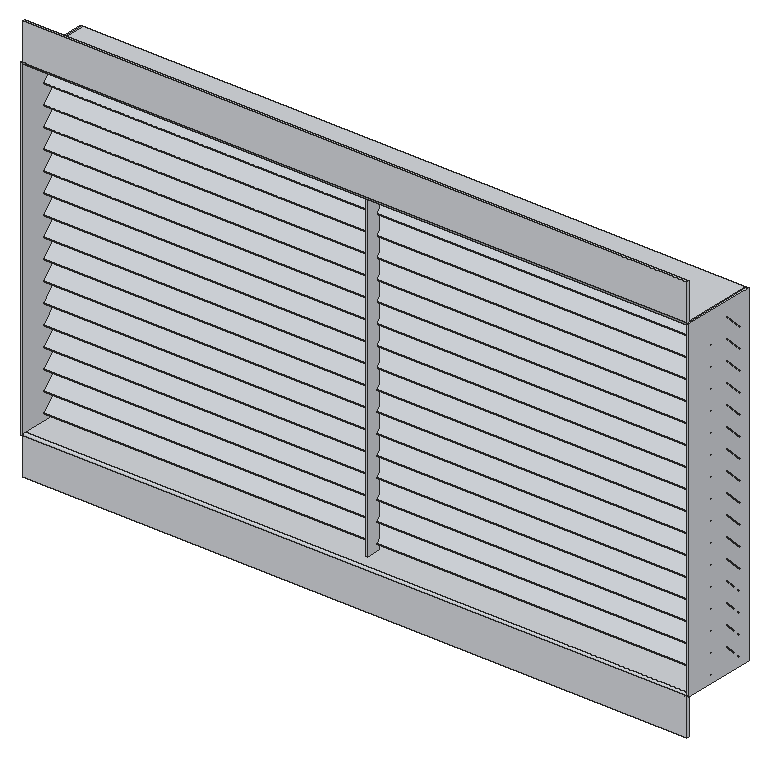
Revit family "FEMA-8 (External Mount)", category Mechanical Equipment, Revit 2015
Parameters
  URL = "http://unitedenertech.com/catalog/pdf/A_19g%20FEMA-8-ExternalSubmittal.pdf"
  Type Comments = "Max Single Section Size is (120\"w x 76\"h) or (76\"w x 120\"h)"
  Model = "FEMA-8 (External Mount)"
  Manufacturer = "United Enertech Corporation"
  Keynote = "Head/Sill Flange Mount Shown, See Website for Other Options"
  Exact Width = 6' - 0"
  Exact Height = 3' - 0"
  Description = "8\" Deep FEMA Grille"
  Brace Visibility [instance] = if(Exact Width > 4' 11 115/128", 2 > 1, 1 > 2)  # yes
  Blade Spacing = 0' - 2 1/8"
  Blade Number [instance] = rounddown((Exact Height - 0' 1 11/16") / 0' 2 1/8")  # 16
Reference planes (in)
  plane 1 "Center (Front/Back)": y = 0
  plane 2: z = 0
  plane 3 "Center (Left/Right)": x = 0
  plane 4: x = -36
  plane 5: x = 36
  plane 6: z = 36
  plane 7: x = -35.75
  plane 8: x = 35.75
  plane 9: z = 0.25
  plane 10: z = 34.55806
  plane 11: x = -0.125
  plane 12: z = 35.75
Forms (in)
  Extrusion 1, solid
    sketch origin (7.49521, 38.91347, 0) x (0, 1, 0) y (-1, 0, 0)
      loop
        line (-30.91347, 43.49521) -> (-38.91347, 43.49521) -> (-38.91347, 43.24521) -> (-30.91347, 43.24521) -> (-30.91347, 43.49521)
    from 0 to 36
  Extrusion 2, solid
    sketch origin (-7.49521, 38.91347, 0) x (0, 1, 0) y (-1, 0, 0)
      loop
        line (-30.91347, -43.49521) -> (-30.91347, -43.24521) -> (-38.91347, -43.24521) -> (-38.91347, -43.49521) -> (-30.91347, -43.49521)
    from 0 to 36
  Extrusion 3, solid
    sketch origin (-58.47167, 56.47167, 18.17682) x (0, 1, 0) y (0, 0, 1)
      loop
        line (-56.22167, 21.82318) -> (-56.47167, 21.82318) -> (-56.47167, 17.82318)
        arc (-56.47167, 17.82318) -> (-56.39844, 17.6464) -> (-56.22167, 17.57318) r 0.25
        line (-56.22167, 17.57318) -> (-48.47167, 17.57318) -> (-48.47167, 17.82318) -> (-55.97167, 17.82318)
        arc (-55.97167, 17.82318) -> (-56.14844, 17.8964) -> (-56.22167, 18.07318) r 0.25
        line (-56.22167, 18.07318) -> (-56.22167, 21.82318)
    from 22.72167 to 94.22167
  Extrusion 4, solid
    sketch origin (-58.47167, 56.47167, 17.82318) x (0, 1, 0) y (0, 0, 1)
      loop
        line (-56.22167, -21.82318) -> (-56.22167, -18.07318)
        arc (-56.22167, -18.07318) -> (-56.14844, -17.8964) -> (-55.97167, -17.82318) r 0.25
        line (-55.97167, -17.82318) -> (-48.47167, -17.82318) -> (-48.47167, -17.57318) -> (-56.22167, -17.57318)
        arc (-56.22167, -17.57318) -> (-56.39844, -17.6464) -> (-56.47167, -17.82318) r 0.25
        line (-56.47167, -17.82318) -> (-56.47167, -21.82318) -> (-56.22167, -21.82318)
    from 22.72167 to 94.22167
  Extrusion 5, solid, visible <- "Brace Visibility"
    sketch origin (35.51374, -3.5655, 0) x (1, 0, 0) y (0, 1, 0)
      loop
        line (-35.38874, 5.18418) -> (-35.38874, 6.68418) -> (-35.63874, 6.68418) -> (-35.63874, 5.18418) -> (-35.38874, 5.18418)
    from 0.25 to 35.75
Dimensions and locks (in)
  equal spacing: plane 4, plane 3 "Center (Left/Right)", plane 5
  "Exact Width": plane 4 to plane 5
  "Exact Height": plane 6 to level
  locked: plane 4 to plane 7 at 0.25
  locked: plane 8 to plane 5 at 0.25
  locked: plane 9 to level at 0.25
  locked: plane 6 to plane 10 at 1.44194
  equal spacing: group 1, group 2, group 3, group 4, group 5, group 6, group 7, group 8, group 9, group 10, group 11, group 12, group 13, group 14, group 15, group 16  (x2)
  equal spacing: group 16, group 15, group 14, group 13, group 12, group 11, group 10, group 9, group 8, group 7, group 6, group 5, group 4, group 3, group 2, group 1
  "Blade Spacing": nested 2 to nested 1
  locked: plane 11 to plane 3 "Center (Left/Right)" at 0.125
  locked: plane 6 to plane 12 at 0.25
  aligned and locked: level to plane 2
  aligned and locked: Extrusion 1 to level
  aligned and locked: Extrusion 2 to level
  aligned and locked: plane 6 to Extrusion 1
  aligned and locked: plane 6 to Extrusion 2
  aligned and locked: plane 6 to Extrusion 3
  aligned and locked: plane 8 to Extrusion 3
  aligned and locked: Extrusion 3 to plane 7
  aligned and locked: Extrusion 4 to level
  aligned and locked: plane 8 to Extrusion 4
  aligned and locked: Extrusion 4 to plane 7
  aligned and locked: plane 3 "Center (Left/Right)" to nested 1
  aligned and locked: nested 1 to plane 10
  aligned and locked: Extrusion 5 to plane 11
  aligned and locked: Extrusion 5 to plane 9
  aligned and locked: plane 12 to Extrusion 5
Automatic sketch dimensions
  plane 1 "Center (Front/Back)" to Extrusion 1 sketch curve = 0' - 0"
  Extrusion 1 sketch curve to plane 7 = 0' - 0"
  Extrusion 1 sketch curve to plane 4 = 0' - 0"
  Extrusion 1 sketch curve to plane 1 "Center (Front/Back)" = 0' - 8"
  plane 1 "Center (Front/Back)" to Extrusion 2 sketch curve = 0' - 0"
  Extrusion 2 sketch curve to plane 8 = 0' - 0"
  Extrusion 2 sketch curve to plane 5 = 0' - 0"
  Extrusion 2 sketch curve to Extrusion 2 sketch curve = 0' - 8"
  Extrusion 3 sketch curve to plane 1 "Center (Front/Back)" = 0' - 0"
  Extrusion 3 sketch curve to plane 6 = 0' - 0"  (x2)
  Extrusion 3 sketch curve to plane 1 "Center (Front/Back)" = 0' - 0 1/4"  (x2)
  plane 6 to Extrusion 3 sketch curve = 0' - 0 1/4"
  Extrusion 3 sketch curve to Extrusion 3 sketch curve = 0' - 7 1/2"
  Extrusion 3 sketch curve to Extrusion 3 sketch curve = 0' - 3 3/4"
  level to Extrusion 4 sketch curve = 0' - 0"
  Extrusion 4 sketch curve to plane 1 "Center (Front/Back)" = 0' - 0"
  Extrusion 4 sketch curve to Extrusion 4 sketch curve = 0' - 0 1/4"  (x4)
  Extrusion 4 sketch curve to Extrusion 4 sketch curve = 0' - 7 1/2"
  Extrusion 4 sketch curve to level = 0' - 4"
  Extrusion 5 sketch curve to plane 1 "Center (Front/Back)" = 0' - 3.11868"
  Extrusion 5 sketch curve to plane 4 = 2' - 11 7/8"
  Extrusion 5 sketch curve to Extrusion 5 sketch curve = 0' - 0 1/4"
  Extrusion 5 sketch curve to Extrusion 5 sketch curve = 0' - 1 1/2"
Nested families (in)
  nested 1: "FEMURBLADE" at (0, 2.4583, 27.85095), type "FEMURBLADE"
    with Blade Width 6' - 0"
  nested 2: "FEMURBLADE" at (0, 2.4583, 25.72595), type "FEMURBLADE"
    with Blade Width 6' - 0"
  nested 3: "FEMURBLADE" at (0, 2.4583, 23.60095), type "FEMURBLADE"
    with Blade Width 6' - 0"
  nested 4: "FEMURBLADE" at (0, 2.4583, 21.47595), type "FEMURBLADE"
    with Blade Width 6' - 0"
  nested 5: "FEMURBLADE" at (0, 2.4583, 19.35095), type "FEMURBLADE"
    with Blade Width 6' - 0"
  nested 6: "FEMURBLADE" at (0, 2.4583, 17.22595), type "FEMURBLADE"
    with Blade Width 6' - 0"
  nested 7: "FEMURBLADE" at (0, 2.4583, 15.10095), type "FEMURBLADE"
    with Blade Width 6' - 0"
  nested 8: "FEMURBLADE" at (0, 2.4583, 12.97595), type "FEMURBLADE"
    with Blade Width 6' - 0"
  nested 9: "FEMURBLADE" at (0, 2.4583, 10.85095), type "FEMURBLADE"
    with Blade Width 6' - 0"
  nested 10: "FEMURBLADE" at (0, 2.4583, 8.72595), type "FEMURBLADE"
    with Blade Width 6' - 0"
  nested 11: "FEMURBLADE" at (0, 2.4583, 6.60095), type "FEMURBLADE"
    with Blade Width 6' - 0"
  nested 12: "FEMURBLADE" at (0, 2.4583, 4.47595), type "FEMURBLADE"
    with Blade Width 6' - 0"
  nested 13: "FEMURBLADE" at (0, 2.4583, 2.35095), type "FEMURBLADE"
    with Blade Width 6' - 0"
  nested 14: "FEMURBLADE" at (0, 2.4583, 0.22595), type "FEMURBLADE"
    with Blade Width 6' - 0"
  nested 15: "FEMURBLADE" at (0, 2.4583, -1.89905), type "FEMURBLADE"
    with Blade Width 6' - 0"
  nested 16: "FEMURBLADE" at (0, 2.4583, -4.02405), type "FEMURBLADE"
    with Blade Width 6' - 0"
Definition of nested family "FEMURBLADE"
  Parameters (values of type "FEMURBLADE")
    Blade Width = 1' - 0"
  Reference planes (in)
    plane 1 "Center (Front/Back)": y = 0
    plane 2: z = 0
    plane 3 "Center (Left/Right)": x = 0
    plane 4: x = -6
    plane 5: x = 6
  Forms (in)
    Extrusion 1, solid
      sketch origin (-5.80963, 2.23001, 3.57962) x (0, 1, 0) y (0, 0, 1)
        loop
          line (-1.93095, 1.44811) -> (-1.75417, 1.27133) -> (0.01359, 3.0391) -> (0.10198, 3.12749) -> (0.27876, 3.12749) -> (0.36715, 3.0391) -> (2.13491, 1.27133) -> (2.31169, 1.44811) -> (0.19037, 3.56943) -> (-1.93095, 1.44811)
      from -0.19037 to 11.80963
  Dimensions and locks (in)
    equal spacing: plane 4, plane 3 "Center (Left/Right)", plane 5
    "Blade Width": plane 4 to plane 5
    aligned and locked: level to plane 2
    aligned and locked: plane 5 to Extrusion 1
    aligned and locked: plane 4 to Extrusion 1
  Automatic sketch dimensions
    Extrusion 1 sketch curve to plane 1 "Center (Front/Back)" = 0' - 0.29906"
    Extrusion 1 sketch curve to Extrusion 1 sketch curve = 0' - 0.17678"  (x3)
    Extrusion 1 sketch curve to plane 1 "Center (Front/Back)" = 0' - 2.2436"
    Extrusion 1 sketch curve to Extrusion 1 sketch curve = 0' - 0.08839"  (x4)
    Extrusion 1 sketch curve to Extrusion 1 sketch curve = 0' - 1.76777"
    level to Extrusion 1 sketch curve = 0' - 4.85095"
    Extrusion 1 sketch curve to Extrusion 1 sketch curve = 0' - 0"
